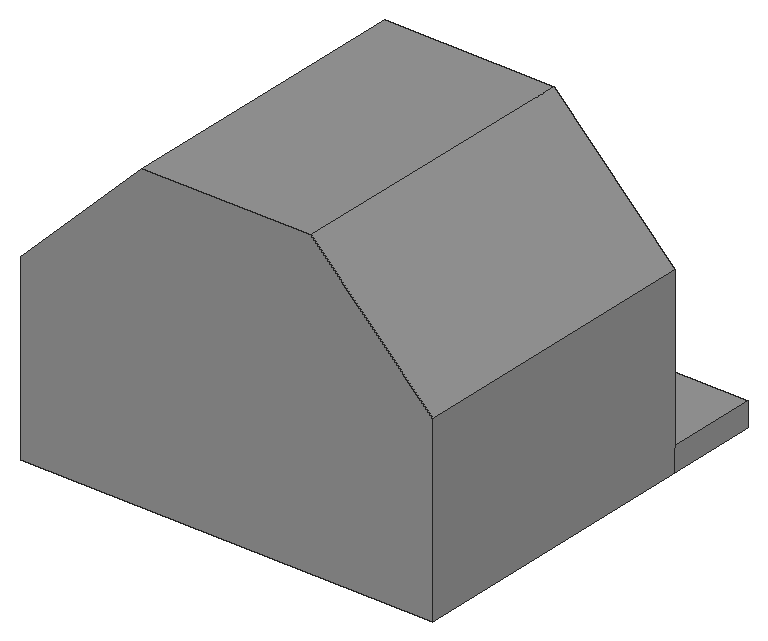
Revit family "Lavatory-Willoughby-1013-HS-46", category Plumbing Fixtures, host Face, Revit 2014
Parameters
  Waste Connection = no
  Vent Connection = no
  URL = "www.willoughby-ind.com"
  Type Comments = ""
  Revision = "A"
  Model = "HS-1013-46"
  Manufacturer = "Willoughby Industries"
  Lav Waste DIA = 1 1/2"
  Lav Waste Connection = yes
  HW Connection = no
  Fixture Body = Stainless Steel AISI 304-Willoughby
  Description = "A.D.A. Compliant Handicap Lavatory"
  Default Elevation = 0' - 0"
  Contact # = "(800) 428-4065"
  CW Connection = no
Reference planes (in)
  plane 1 "Center (Front/Back)/Floor": y = 3
  plane 2: z = 0
  plane 3 "Center (Left/Right)": x = 0
  plane 4 "Lav Left": x = -9
  plane 5 "Lav Right": x = 9
  plane 6 "Sink Level": y = 34
  plane 7: y = 39
  plane 8 "Lav Front": z = 13.25
  plane 9: z = 7.9375
  plane 10: y = 29
  plane 11: y = 28.25
  plane 12: y = 24.75
  plane 13: z = 7.25
  plane 14: z = 2.5
  plane 15: z = 12
  plane 16: y = 38
  plane 17 "Lav Waste HGT": y = 25.75
  plane 18: y = 20.75
  plane 19: z = 2.5
Forms (in)
  Extrusion 1, solid, material "Stainless Steel AISI 304-Willoughby" <- "Fixture Body"
    sketch origin (0, 3, 0) x (1, 0, 0) y (0, 0, 1)
      loop
        line (9, 0) -> (9, 7.9375) -> (3.6875, 13.25) -> (-3.6875, 13.25) -> (-9, 7.9375) -> (-9, 0) -> (9, 0)
    from -17.75 to -31
  Extrusion 2, solid, material "Stainless Steel AISI 304-Willoughby" <- "Fixture Body"
    sketch origin (0, 0, 0) x (0, 1, 0) y (0, 0, 1)
      loop
        line (34, 0) -> (38, 0) -> (38, 1.0625) -> (34, 1.0625) -> (34, 0)
    from 9 to -9
  Revolve 3, void
    sketch origin (-48, 34, 46.4375) x (-1, 0, 0) y (0, 0, 1)
      loop
        line (-41.5, -39.1875) -> (-54.5, -39.1875)
        spline (-54.5, -39.1875) -> (-54.27852, -40.41689) -> (-53.62917, -41.5625) -> (-52.59619, -42.54626) -> (-51.25, -43.30112) -> (-49.68232, -43.77565) -> (-48, -43.9375) -> (-46.31768, -43.77565) -> (-44.75, -43.30112) -> (-43.40381, -42.54626) -> (-42.37083, -41.5625) -> (-41.72148, -40.41689) -> (-41.5, -39.1875)
      axis (-54.5, -39.1875) -> (-41.5, -39.1875)
    angle from 0 to 180
  Revolve 4, solid, material "Stainless Steel AISI 304-Willoughby" <- "Fixture Body"
    sketch origin (0, 25.75, 0) x (0, 0, -1) y (-1, 0, 0)
      loop
        line (3, 0) -> (3, 0.75) -> (-1, 0.75) -> (-1, 0) -> (3, 0)
      axis (-1, 0) -> (3, 0)
    angle from 0 to 360
Cuts and joins
  Revolve 3 cuts Extrusion 1
Lines and regions (in)
  symbolic lines
    curve 1: line (0, 20.75, 0) -> (0, 38, 0)
    curve 2: line (0, 38, 1.0625) -> (0, 34, 1.0625)
    curve 3: line (0, 34, 0) -> (0, 34, 13.25)
    curve 4: line (0, 34, 13.25) -> (0, 20.75, 13.25)
    curve 5: line (-9, 3, 0) -> (9, 3, 0)
    curve 6: line (-9, 20.75, 0) -> (-9, 38, 0)
    curve 7: line (-9, 38, 0) -> (9, 38, 0)
    curve 8: line (9, 38, 0) -> (9, 20.75, 0)
    curve 9: line (1.5, 24.75, 0) -> (-1.5, 24.75, 0)
    curve 12: line (0, 38, 0) -> (0, 38, 1.0625)
    curve 15: line (9, 3, 0) -> (9, 3, 7.9375)
    curve 16: line (9, 3, 7.9375) -> (3.6875, 3, 13.25)
    curve 17: line (3.6875, 3, 13.25) -> (-3.6875, 3, 13.25)
    curve 18: line (-3.6875, 3, 13.25) -> (-9, 3, 7.9375)
    curve 19: line (-9, 3, 7.9375) -> (-9, 3, 0)
    curve 20: line (0, 20.75, 13.25) -> (0, 20.75, 0)
    curve 21: line (0, 34, 7.9375) -> (0, 20.75, 7.9375)
    curve 22: line (9, 20.75, 0) -> (-9, 20.75, 0)
  symbolic lines, detail levels medium+fine
    curve 10: line (-9, 34, 0) -> (9, 34, 0)
    curve 11: line (9, 3, 1.0625) -> (-9, 3, 1.0625)
  symbolic lines, detail levels fine
    curve 13: spline (6.5, 3, 7.25) -> (6.27852, 3, 8.47939) -> (5.62917, 3, 9.625) -> (4.59619, 3, 10.60876) -> (3.25, 3, 11.36362) -> (1.68232, 3, 11.83815) -> (0, 3, 12) -> (-1.68232, 3, 11.83815) -> (-3.25, 3, 11.36362) -> (-4.59619, 3, 10.60876) -> (-5.62917, 3, 9.625) -> (-6.27852, 3, 8.47939) -> (-6.5, 3, 7.25)
    curve 14: spline (-6.5, 3, 7.25) -> (-6.27852, 3, 6.02061) -> (-5.62917, 3, 4.875) -> (-4.59619, 3, 3.89124) -> (-3.25, 3, 3.13638) -> (-1.68232, 3, 2.66185) -> (0, 3, 2.5) -> (1.68232, 3, 2.66185) -> (3.25, 3, 3.13638) -> (4.59619, 3, 3.89124) -> (5.62917, 3, 4.875) -> (6.27852, 3, 6.02061) -> (6.5, 3, 7.25)
    curve 23: line (-3.6875, 34, 0) -> (-3.6875, 20.75, 0)
    curve 24: line (3.6875, 34, 0) -> (3.6875, 20.75, 0)
Dimensions and locks (in)
  equal spacing: plane 4 "Lav Left", plane 3 "Center (Left/Right)", plane 5 "Lav Right"
  plane 4 "Lav Left" to plane 5 "Lav Right" = 1' - 6"  (x2)
  plane 1 "Center (Front/Back)/Floor" to plane 17 "Lav Waste HGT" = 1' - 10 3/4"
  plane 6 "Sink Level" to plane 10 = 0' - 5"
  plane 16 to plane 10 = 0' - 9"
  plane 16 to plane 12 = 1' - 1 1/4"
  plane 1 "Center (Front/Back)/Floor" to plane 6 "Sink Level" = 2' - 7"
  plane 4 "Lav Left" to plane 3 "Center (Left/Right)" = 0' - 9"
  plane 1 "Center (Front/Back)/Floor" to plane 16 = 2' - 11"
  level to plane 8 "Lav Front" = 1' - 1 1/4"
  Extrusion 2 to plane 17 "Lav Waste HGT" = 1' - 0 1/4"
  Extrusion 2 to plane 12 = 1' - 1 1/4"
  level to plane 19 = 0' - 2 1/2"
  aligned and locked: plane 2 to host face
  aligned and locked: level to host face
  aligned and locked: plane 6 "Sink Level" to Extrusion 1
  aligned and locked: Extrusion 1 to level
  aligned and locked: plane 8 "Lav Front" to Extrusion 1
  aligned and locked: Revolve 4 sketch curve to Revolve 4 sketch curve  (x2)
  aligned and locked: Extrusion 1 to Extrusion 2
Automatic sketch dimensions
  host sketch curve to host sketch curve = 2' - 10.8562"
  host sketch curve to host sketch curve = 2' - 4.68589"
  Extrusion 1 sketch curve to level = 0' - 0"
  plane 4 "Lav Left" to Extrusion 1 sketch curve = 0' - 0"
  Extrusion 1 sketch curve to plane 8 "Lav Front" = 0' - 0"
  plane 5 "Lav Right" to Extrusion 1 sketch curve = 0' - 0"
  Extrusion 1 sketch curve to plane 9 = 0' - 0"  (x2)
  Extrusion 1 sketch curve to plane 3 "Center (Left/Right)" = 0' - 3 11/16"
  plane 3 "Center (Left/Right)" to Extrusion 1 sketch curve = 0' - 3 11/16"
  Revolve 3 sketch curve to plane 13 = 0' - 0"  (x2)
  Revolve 3 sketch curve to plane 3 "Center (Left/Right)" = 0' - 0"
  plane 5 "Lav Right" to Revolve 3 sketch curve = 0' - 2 1/2"
  Revolve 3 sketch curve to Revolve 3 sketch curve = 0' - 0"  (x2)
  Revolve 4 sketch curve to plane 3 "Center (Left/Right)" = 0' - 0"
  level to Revolve 4 sketch curve = 0' - 1"
  Revolve 4 sketch curve to plane 3 "Center (Left/Right)" = 0' - 0 3/4"
  Revolve 4 sketch curve to level = 0' - 3"
  Revolve 4 sketch curve to Revolve 4 sketch curve = 0' - 0"
  Extrusion 2 sketch curve to plane 6 "Sink Level" = 0' - 0"
  Extrusion 2 sketch curve to level = 0' - 0"
  Extrusion 2 sketch curve to plane 7 = 0' - 1"
  level to Extrusion 2 sketch curve = 0' - 1 1/16"
  plane 4 "Lav Left" to curve 5 = 0' - 0"
  curve 18 to plane 8 "Lav Front" = 0' - 0"
  curve 13 to plane 3 "Center (Left/Right)" = 0' - 0"
  plane 5 "Lav Right" to curve 15 = 0' - 0"
  curve 19 to level = 0' - 0"
  curve 15 to plane 9 = 0' - 0"
  curve 19 to plane 9 = 0' - 0"
  curve 18 to plane 3 "Center (Left/Right)" = 0' - 3 11/16"
  plane 3 "Center (Left/Right)" to curve 16 = 0' - 3 11/16"
  curve 14 to plane 9 = 0' - 0 11/16"
  curve 14 to plane 4 "Lav Left" = 0' - 2 1/2"
  curve 19 to curve 11 = 0' - 1 1/16"
  curve 1 to level = 0' - 0"
  curve 21 to plane 9 = 0' - 0"
  curve 21 to plane 18 = 0' - 0"
  curve 3 to plane 6 "Sink Level" = 0' - 0"
  curve 1 to plane 16 = 0' - 0"
  curve 4 to plane 8 "Lav Front" = 0' - 0"
  level to curve 12 = 0' - 1 1/16"
  curve 6 to plane 4 "Lav Left" = 0' - 0"
  curve 9 to plane 12 = 0' - 0"
  curve 24 to plane 18 = 0' - 0"
  curve 24 to plane 6 "Sink Level" = 0' - 0"
  curve 10 to plane 5 "Lav Right" = 0' - 0"
  curve 6 to plane 16 = 0' - 0"
  curve 23 to plane 3 "Center (Left/Right)" = 0' - 3 11/16"
  curve 9 to plane 3 "Center (Left/Right)" = 0' - 1 1/2"
  plane 3 "Center (Left/Right)" to curve 9 = 0' - 1 1/2"
  plane 3 "Center (Left/Right)" to curve 24 = 0' - 3 11/16"
Connectors (in)
  piping at (0, 25.75, -3), diameter 1.5, driven by "Lav Waste DIA", driven by "Lav Waste Connection"
    settings: on Revolve 4, index 1, connector inside diameter 24", connector length 0' - 0", flow factor 0, pipe flow 0 GPM, pressure drop 0.00 psi, fitting loss kfactor 0, connector angle 0.00°, fixture units 0, engagement length 0' - 0", angle of deflection 0.00°, flow configuration 0, flow direction 2, fitting loss method 0, system type 16, joint type 0, gender type 0, connector reference index -1, connector utility 1, adjustable connector no, is connector primary yes, connector description "Sink Waste"
